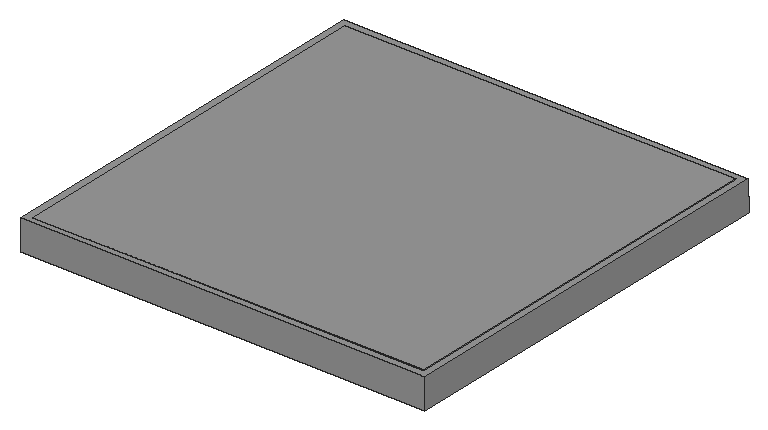
Revit family "ДВО-01 30 Вт 595", category Осветительные приборы, Revit 2019
Family settings
  Основа = Потолок
  Размер круглого соединителя = Использовать диаметр
  Тип детали = Нормальный
  Номер OmniClass = 23.80.70.11
  Заголовок OmniClass = Luminaries for Internal Lighting
  Всегда вертикально = Да
  При загрузке вырезать с полостями = Нет
  Источник света = Да
  Общий = Нет
  Точка расчета площади = Нет
Parameters (values of type "ДВО-01-К-30-3К-IP40-Армстронг")
  Эффективность светильника = "140"
  Частота сети = "50 / 60 Гц"
  Цвет корпуса = "Белый"
  Файл фотометрической сетки = "INNOLUX 82 665 DVO-01-K-30-3K-IP40.ies"
  Угол наклона = 90.00°
  Типоразмер светодиода = "2835"
  Тип рассеивателя = "колотый лёд"
  Тип кривой силы света по ГОСТ 54350-2011 = "Д"
  Степень защиты (IP) = "40"
  Срок службы = "80000"
  Способ монтажа = "Встраиваемый / Накладной"
  Сила тока = "0.14 А"
  Световой поток модуля = "1129"
  Пусковой ток = "12.2 А"
  Потребляемый ток = "0"
  Полная установленная мощность = 30 VA
  Объём упаковки = "0.22*0.61*0.61 м"
  Напряжение = "176-264 В"
  Wattage = 28.2748 W
  built-in parameter 1150110 = 1 (stored number, unit not read)
  built-in parameter 1114217 = 0.93 (stored number, unit not read)
  built-in parameter 1150109 = 1 (stored number, unit not read)
  built-in parameter 1150134 = (empty or 0)
  built-in parameter 1150113 = 1 (stored number, unit not read)
  Lumens = 4200 lm
  built-in parameter 1150115 = 1 (stored number, unit not read)
  built-in parameter 1150105 = 334.23 (stored number, unit not read)
  built-in parameter 1150137 = (empty or 0)
  Материал рассеивателя = Полистирол
  Материал корпуса = Металл, окрашенный, белый, матовый
  Коэффициент пульсации = "<5%"
  built-in parameter 1150139 = (empty or 0)
  built-in parameter 1150112 = 1 (stored number, unit not read)
  built-in parameter 1150114 = 1 (stored number, unit not read)
  built-in parameter 1150132 = 2
  Коэффициент мощности = ">0.95\r\n>0.95\r\n>0.95"
  Количество модулей = "4"
  Количество в упаковке = "4"
  Кол-во светодиодов = "72"
  Климатическое исполнение = "УХЛ 4"
  Класс светораспределения по ГОСТ 54350-2011 = "П"
  Класс защиты от поражения током = "I"
  Категория по ограничению яркости = "1"
  built-in parameter 1150102 = (empty or 0)
  built-in parameter 1150138 = (empty or 0)
  built-in parameter 1150107 = 3000 (stored number, unit not read)
  built-in parameter 1150106 = 3.3423 (stored number, unit not read)
  built-in parameter 1150104 = 13.8 (stored number, unit not read)
  Dimming Lamp Color Temperature Shift = (empty or 0)
  Color Filter = 16777215
  built-in parameter 1114218 = 1 (stored number, unit not read)
  built-in parameter 1150133 = 10 (stored number, unit not read)
  Индекс цветопередачи = ">80"
  Изготовитель = "INNOLUX"
  Диммирование = "нет"
  Диапазон рабочих температур = "- 20 + 40°C"
  Гарантия = "7 лет"
  Габаритная яркость = "<5000 кд / м2"
  Время импульса пускового тока = "4.8 мс"
  Вес светильника = "2.9 кг"
  Бренд светодиодов = "EDISON"
  Блок аварийного питания = "нет"
  Артикул = "82665"
  URL = "http://innolux.pro/katalog/administrativno-ofisnoe-osveshhenie/dvo-01-30-vt-595/14754.html"
  ADSK_Размер_Ширина = 595 mm
  ADSK_Размер_Длина = 595 mm
  ADSK_Размер_Высота = 45 mm
Types (12, lengths in mm): name | Эффективность светильника | Файл фотометрической сетки | Тип рассеивателя | Световой поток модуля | Пусковой ток | Wattage | built-in parameter 1114217 | built-in parameter 1150134 | Lumens | built-in parameter 1150105 | Категория по ограничению яркости | built-in parameter 1150107 | built-in parameter 1150106 | Габаритная яркость | Время импульса пускового тока | Артикул | URL
  ДВО-01-П-30-3К-IP40-Армстронг | "143" | "INNOLUX 14 742 DVO-01-P-30-3K-IP40.ies" | "призма" | "1156" | "26 А" | 28.948 W | 0.93 (stored number, unit not read) | (empty or 0) | 4300 lm | 342.18 (stored number, unit not read) | "3" | 3000 (stored number, unit not read) | 3.4218 (stored number, unit not read) | "" | "200 мс" | "14742" | "http://innolux.pro/katalog/administrativno-ofisnoe-osveshhenie/dvo-01-30-vt-595/14742.html"
  ДВО-01-П-30-4К-IP40-Армстронг | "143" | "INNOLUX 14 746 DVO-01-P-30-4K-IP40.ies" | "призма" | "1156" | "26 А" | 28.948 W | 0.93 (stored number, unit not read) | 12 | 4300 lm | 342.18 (stored number, unit not read) | "3" | 4000 (stored number, unit not read) | 3.4218 (stored number, unit not read) | "" | "200 мс" | "14746" | "http://innolux.pro/katalog/administrativno-ofisnoe-osveshhenie/dvo-01-30-vt-595/14746.html"
  ДВО-01-П-30-5К-IP40-Армстронг | "143" | "INNOLUX 14 750 DVO-01-P-30-5K-IP40.ies" | "призма" | "1156" | "26 А" | 28.948 W | 0.93 (stored number, unit not read) | 2 | 4300 lm | 342.18 (stored number, unit not read) | "3" | 5000 (stored number, unit not read) | 3.4218 (stored number, unit not read) | "" | "200 мс" | "14750" | "http://innolux.pro/katalog/administrativno-ofisnoe-osveshhenie/dvo-01-30-vt-595/14750.html"
  ДВО-01-О-30-3К-IP40-Армстронг | "123" | "INNOLUX 14 754 DVO-01-O-30-3K-IP40.ies" | "опал" | "1078" | "26 А" | 24.9088 W | 0.8 (stored number, unit not read) | (empty or 0) | 3700 lm | 294.44 (stored number, unit not read) | "1" | 3000 (stored number, unit not read) | 2.9444 (stored number, unit not read) | "<5000 кд / м2" | "200 мс" | "14754" | "http://innolux.pro/katalog/administrativno-ofisnoe-osveshhenie/dvo-01-30-vt-595/14754.html"
  ДВО-01-О-30-4К-IP40-Армстронг | "123" | "INNOLUX 14 758 DVO-01-O-30-4K-IP40.ies" | "опал" | "1078" | "26 А" | 24.9088 W | 0.8 (stored number, unit not read) | 12 | 3700 lm | 294.44 (stored number, unit not read) | "1" | 4000 (stored number, unit not read) | 2.9444 (stored number, unit not read) | "<5000 кд / м6" | "200 мс" | "14758" | "http://innolux.pro/katalog/administrativno-ofisnoe-osveshhenie/dvo-01-30-vt-595/14758.html"
  ДВО-01-О-30-5К-IP40-Армстронг | "123" | "INNOLUX 14 762 DVO-01-O-30-5K-IP40.ies" | "опал" | "1078" | "26 А" | 24.9088 W | 0.8 (stored number, unit not read) | 2 | 3700 lm | 294.44 (stored number, unit not read) | "1" | 5000 (stored number, unit not read) | 2.9444 (stored number, unit not read) | "<5000 кд / м10" | "200 мс" | "14762" | "http://innolux.pro/katalog/administrativno-ofisnoe-osveshhenie/dvo-01-30-vt-595/14762.html"
  ДВО-01-К-30-3К-IP40-Армстронг | "140" | "INNOLUX 82 665 DVO-01-K-30-3K-IP40.ies" | "колотый лёд" | "1129" | "12.2 А" | 28.2748 W | 0.93 (stored number, unit not read) | (empty or 0) | 4200 lm | 334.23 (stored number, unit not read) | "1" | 3000 (stored number, unit not read) | 3.3423 (stored number, unit not read) | "<5000 кд / м2" | "4.8 мс" | "82665" | "http://innolux.pro/katalog/administrativno-ofisnoe-osveshhenie/dvo-01-30-vt-595/14754.html"
  ДВО-01-К-30-4К-IP40-Армстронг | "140" | "INNOLUX 82 668 DVO-01-K-30-4K-IP40.ies" | "колотый лёд" | "1129" | "12.2 А" | 28.2748 W | 0.93 (stored number, unit not read) | 12 | 4200 lm | 334.23 (stored number, unit not read) | "1" | 4000 (stored number, unit not read) | 3.3423 (stored number, unit not read) | "<5000 кд / м2" | "4.8 мс" | "82668" | "http://innolux.pro/katalog/administrativno-ofisnoe-osveshhenie/dvo-01-30-vt-595/14754.html"
  ДВО-01-К-30-5К-IP40-Армстронг | "140" | "INNOLUX 82 671 DVO-01-K-30-5K-IP40.ies" | "колотый лёд" | "1129" | "12.2 А" | 28.2748 W | 0.93 (stored number, unit not read) | 2 | 4200 lm | 334.23 (stored number, unit not read) | "1" | 5000 (stored number, unit not read) | 3.3423 (stored number, unit not read) | "<5000 кд / м2" | "4.8 мс" | "82671" | "http://innolux.pro/katalog/administrativno-ofisnoe-osveshhenie/dvo-01-30-vt-595/14754.html"
  ДВО-01-МП-30-3К-IP40-Армстронг | "132" | "INNOLUX 80 100 DVO-01-MP-30-3K-IP40.ies" | "микропризма" | "1062" | "12.2 А" | 26.5918 W | 0.93 (stored number, unit not read) | (empty or 0) | 3950 lm | 314.33 (stored number, unit not read) | "1" | 3000 (stored number, unit not read) | 3.1433 (stored number, unit not read) | "<5000 кд / м2" | "4.8 мс" | "80100" | "http://innolux.pro/katalog/administrativno-ofisnoe-osveshhenie/dvo-01-30-vt-595/14754.html"
  ДВО-01-МП-30-4К-IP40-Армстронг | "132" | "INNOLUX 80 103 DVO-01-MP-30-4K-IP40.ies" | "микропризма" | "1062" | "12.2 А" | 26.5918 W | 0.93 (stored number, unit not read) | 12 | 3950 lm | 314.33 (stored number, unit not read) | "1" | 4000 (stored number, unit not read) | 3.1433 (stored number, unit not read) | "<5000 кд / м2" | "4.8 мс" | "80103" | "http://innolux.pro/katalog/administrativno-ofisnoe-osveshhenie/dvo-01-30-vt-595/14754.html"
  ДВО-01-МП-30-5К-IP40-Армстронг | "132" | "INNOLUX 80 106 DVO-01-MP-30-5K-IP40.ies" | "микропризма" | "1062" | "12.2 А" | 26.5918 W | 0.93 (stored number, unit not read) | 2 | 3950 lm | 314.33 (stored number, unit not read) | "1" | 5000 (stored number, unit not read) | 3.1433 (stored number, unit not read) | "<5000 кд / м2" | "4.8 мс" | "80106" | "http://innolux.pro/katalog/administrativno-ofisnoe-osveshhenie/dvo-01-30-vt-595/14754.html"
Reference planes
  plane 1 "Ось источника света (В/Н)": y = 0
  plane 2: z = 0
  plane 3 "Ось источника света (Л/П)": x = 0
  plane 4 "Потолок": z = 4000
  plane 5 "Отметка источника света 1": z = 3955
  plane 6: x = -297.5
  plane 7: x = 297.5
  plane 8: y = 297.5
  plane 9: y = -297.5
Forms (mm)
  Extrusion 1, solid, material "Металл, окрашенный, белый, матовый" <- "Материал корпуса"
    sketch origin (0, 0, 3955) x (-1, 0, 0) y (0, -1, 0)
      loop
        line (297.5, -297.5) -> (297.5, 297.5) -> (-297.5, 297.5) -> (-297.5, -297.5) -> (297.5, -297.5)
    from 0 to 45
  Extrusion 2, void
    sketch origin (0, 0, 3955) x (-1, 0, 0) y (0, -1, 0)
      loop
        line (286.893, -286.893) -> (286.893, 286.893) -> (-286.893, 286.893) -> (-286.893, -286.893) -> (286.893, -286.893)
    from 0 to 27.018
  Extrusion 3, solid, material "Полистирол" <- "Материал рассеивателя"
    sketch origin (0, 0, 3955) x (-1, 0, 0) y (0, -1, 0)
      loop
        line (286.893, -286.893) -> (286.893, 286.893) -> (-286.893, 286.893) -> (-286.893, -286.893) -> (286.893, -286.893)
    from 9.146 to 45
Cuts and joins
  Extrusion 2 cuts Extrusion 1
Dimensions and locks
  equal spacing: host sketch curve, plane 3 "Ось источника света (Л/П)", host sketch curve
  equal spacing: host sketch curve, plane 1 "Ось источника света (В/Н)", host sketch curve
  host sketch curve to host sketch curve = 4000 mm  (x2)
  plane 4 "Потолок" to host ceiling = 0 mm
  equal spacing: plane 6, plane 3 "Ось источника света (Л/П)", plane 7
  equal spacing: plane 8, plane 1 "Ось источника света (В/Н)", plane 9
  "ADSK_Размер_Длина": plane 6 to plane 7
  "ADSK_Размер_Ширина": plane 8 to plane 9
  "ADSK_Размер_Высота": plane 5 "Отметка источника света 1" to plane 4 "Потолок"
  aligned and locked: plane 3 "Ось источника света (Л/П)" to imposter light
  aligned and locked: plane 1 "Ось источника света (В/Н)" to imposter light
  aligned and locked: plane 5 "Отметка источника света 1" to imposter light
  aligned and locked: plane 5 "Отметка источника света 1" to Extrusion 1
  aligned and locked: Extrusion 3 to cut or joined group of Extrusion 1, Extrusion 2
  aligned and locked: cut or joined group of Extrusion 1, Extrusion 2 to Extrusion 3  (x2)
  aligned and locked: host ceiling to Extrusion 3
  aligned and locked: host ceiling to Extrusion 1
  aligned and locked: Extrusion 1 to plane 6
  aligned and locked: plane 7 to Extrusion 1
  aligned and locked: Extrusion 1 to imposter light
  aligned and locked: Extrusion 1 to plane 4 "Потолок"
  aligned and locked: Extrusion 1 to Extrusion 3
  aligned and locked: Extrusion 3 to plane 4 "Потолок"
Automatic sketch dimensions
  Extrusion 1 sketch curve to plane 7 = 0 mm
  Extrusion 1 sketch curve to plane 6 = 0 mm
  Extrusion 1 sketch curve to plane 8 = 0 mm
  Extrusion 1 sketch curve to plane 9 = 0 mm
  Extrusion 2 sketch curve to plane 7 = 10.607 mm
  plane 6 to Extrusion 2 sketch curve = 10.607 mm
  Extrusion 2 sketch curve to plane 8 = 10.607 mm
  plane 9 to Extrusion 2 sketch curve = 10.607 mm
  Extrusion 3 sketch curve to plane 7 = 10.607 mm
  plane 6 to Extrusion 3 sketch curve = 10.607 mm
  Extrusion 3 sketch curve to plane 8 = 10.607 mm
  plane 9 to Extrusion 3 sketch curve = 10.607 mm
Connectors
  electrical at (0, 0, 4000)
    settings: on cut or joined group of Extrusion 1, Extrusion 2, index 1, voltage 0 V, apparent load 0 VA, apparent load phase1 0 VA, apparent load phase2 0 VA, apparent load phase3 0 VA, power factor 1, load classification "Прочее", number of poles 1, system type 31, power factor state 1, is connector primary yes, connector utility no, sub classification motor no, connector description ""
